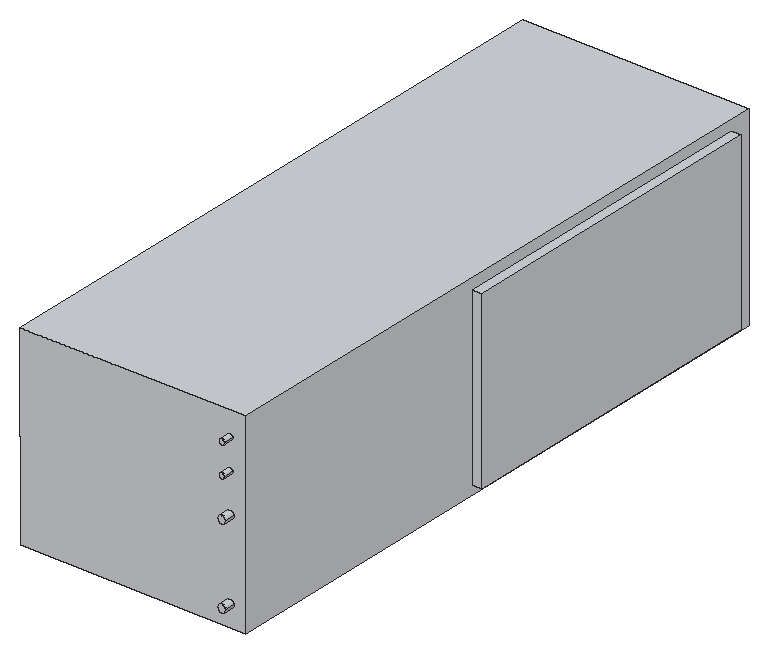
Revit family "99f8c5803f3e465797ed920e6431078d", category Mechanical Equipment, Revit 2021
Family settings
  Round Connector Dimension = Use Radius
  Part Type = Normal
  OmniClass Number = 23.75.10.21.17
  OmniClass Title = Water-Source Heat Pumps
  Seek Item ID = WSHP - Horizontal - High Efficiency - 2-5 Tons - Right Return - Back Discharge-0000-USA-ENU
  Work Plane-Based = No
  Always vertical = Yes
  Cut with Voids When Loaded = No
  Shared = No
  Room Calculation Point = No
Parameters (values of type "2 Tons")
  Water Supply Radius = 3/8"
  Water Supply Diameter = Water Supply Radius * 2  # 3/4"
  Water Return Radius = 3/8"
  Water Return Diameter = Water Return Radius * 2  # 3/4"
  Water Pressure Drop [instance] = 3.50 psi
  Water Flow [instance] = 8 GPM
  Voltage = 208 V
  Supply Air Width = 15 1/2"
  Supply Air Height = 12 1/2"
  Return Air Height = 17 77/256"
  Return Air Width = 32 13/128"
  Pump Width = 5' - 2 51/256"
  Pump Material = none
  Pump Length = 1' - 10 51/128"
  Pump Height = 1' - 7 77/256"
  Number of Poles = 3
  Load Classification = Cooling
  Hot Water Supply Radius = 1/4"
  Hot Water Supply Diameter = Hot Water Supply Radius * 2  # 1/2"
  Hot Water Return Radius = 1/4"
  Hot Water Return Diameter = Hot Water Return Radius * 2  # 1/2"
  Hot Water Flow [instance] = 5 GPM
  Default Elevation = 0' - 0"
  Condensate Radius = 3/8"
  Drain Flow [instance] = 0 GPM
  Condensate Diameter = Condensate Radius * 2  # 3/4"
  C6 Offset 1 = 0' - 2 51/256"
  C5 Offset 2 = 0' - 3 77/128"
  C5 Offset 1 = 0' - 2"
  C4 Offset 1 = 1' - 1 115/128"
  C3 Offset 1 = 1' - 4 115/128"
  C2 Offset 1 = 0' - 10"
  C1 Offset 1 = 0' - 2 13/128"
  Apparent Load = 3952 VA
  External Static Pressure = 0.60 in-wg
  Air Flow [instance] = 800 CFM
Types (5): name | Water Supply Radius | Water Supply Diameter | Water Return Radius | Water Return Diameter | Water Pressure Drop | Water Flow | Supply Air Width | Supply Air Height | Return Air Height | Return Air Width | Pump Width | Pump Length | Pump Height | Hot Water Flow | C5 Offset 2 | C5 Offset 1 | C4 Offset 1 | C3 Offset 1 | C2 Offset 1 | C1 Offset 1 | Apparent Load | External Static Pressure | Air Flow
  (no name) | 3/8" | 3/4" | 3/8" | 3/4" | 3.50 psi | 8 GPM | 15 1/2" | 12 1/2" | 17 77/256" | 32 13/128" | 5' - 2 51/256" | 1' - 10 51/128" | 1' - 7 77/256" | 5 GPM | 0' - 3 77/128" | 0' - 2" | 1' - 1 115/128" | 1' - 4 115/128" | 0' - 10" | 0' - 2 13/128" | 3952 VA | 0.60 in-wg | 800 CFM
  2 Tons | 3/8" | 3/4" | 3/8" | 3/4" | 3.50 psi | 8 GPM | 15 1/2" | 12 1/2" | 17 77/256" | 32 13/128" | 5' - 2 51/256" | 1' - 10 51/128" | 1' - 7 77/256" | 5 GPM | 0' - 3 77/128" | 0' - 2" | 1' - 1 115/128" | 1' - 4 115/128" | 0' - 10" | 0' - 2 13/128" | 3952 VA | 0.60 in-wg | 800 CFM
  3 Tons | 3/8" | 3/4" | 3/8" | 3/4" | 4.50 psi | 9 GPM | 17 1/2" | 19" | 19 77/256" | 36 13/128" | 5' - 11 51/256" | 2' - 1 51/128" | 1' - 9 77/256" | 8 GPM | 0' - 3 13/128" | 0' - 1" | 1' - 2 77/128" | 1' - 6 115/128" | 0' - 10 205/256" | 0' - 5 123/128" | 5283 VA | 0.60 in-wg | 1200 CFM
  4 Tons | 1/2" | 1" | 1/2" | 1" | 3.60 psi | 12 GPM | 17 1/2" | 19" | 19 77/256" | 41 13/128" | 6' - 4 51/256" | 2' - 1 51/128" | 1' - 9 77/256" | 10 GPM | 0' - 3 13/128" | 0' - 1" | 1' - 3 77/128" | 1' - 6 115/128" | 0' - 10 205/256" | 0' - 5 123/128" | 6780 VA | 0.80 in-wg | 1600 CFM
  5 Tons | 1/2" | 1" | 1/2" | 1" | 3.60 psi | 15 GPM | 17 1/2" | 19" | 19 77/256" | 46 13/128" | 6' - 9 51/256" | 2' - 1 51/128" | 1' - 9 77/256" | 13 GPM | 0' - 3 13/128" | 0' - 1" | 1' - 3 77/128" | 1' - 6 115/128" | 0' - 10 205/256" | 0' - 5 123/128" | 7696 VA | 0.80 in-wg | 2000 CFM
Reference planes (in)
  plane 1 "Center (Front/Back)": y = 0
  plane 2: z = 0
  plane 3 "Center (Left/Right)": x = 0
  plane 4: y = 62.19922
  plane 5: x = 22.39844
  plane 6: z = 19.30078
  plane 7: y = 60
  plane 8: y = 27.89844
  plane 9: z = 9.65039
  plane 10: z = 18.30078
  plane 11: z = 1
  plane 12: x = 19.10156
  plane 13: x = 3.60156
  plane 14: y = 63.19922
  plane 15: z = 3.4
  plane 16: z = 3.4
  plane 17: x = 20.14844
  plane 18: z = 14.30078
  plane 19: x = 1.6
  plane 20: x = 20.79844
  plane 21: z = 2.10156
  plane 22: z = 10
  plane 23: z = 13.89844
  plane 24: z = 16.89844
  plane 25: y = -1
  plane 26: x = 23.39844
  plane 27: z = 17.30078
  plane 28: z = 4.80078
Forms (in)
  Extrusion 1, solid, material <- "Pump Material"
    sketch origin (0, 0, 0) x (1, 0, 0) y (0, 1, 0)
      loop
        line (0, 0) -> (22.39844, 0) -> (22.39844, 62.19922) -> (0, 62.19922) -> (0, 0)
    from 0 to 19.30078
  Extrusion 2, solid, material <- "Pump Material"
    sketch origin (0, 0, 0) x (1, 0, 0) y (0, 0, 1)
      loop
        line (19.10156, 17.30078) -> (3.60156, 17.30078) -> (3.60156, 4.80078) -> (19.10156, 4.80078) -> (19.10156, 17.30078)
    from -63.19922 to -62.19922
  Extrusion 3, solid, material <- "Pump Material"
    sketch origin (0, 0, 0) x (1, 0, 0) y (0, 0, 1)
      loop
        circle (20.14844, 3.4) r 0.375
    from -63.19922 to -62.19922
  Extrusion 4, solid, material <- "Pump Material"
    sketch origin (0, 0, 0) x (1, 0, 0) y (0, 0, 1)
      loop
        circle (1.6, 14.30078) r 1
    from -2.46248 to 0
  Extrusion 5, solid, material <- "Pump Material"
    sketch origin (0, 0, 0) x (1, 0, 0) y (0, 0, 1)
      loop
        circle (20.79844, 2.10156) r 0.375
    from 0 to 1
  Extrusion 6, solid, material <- "Pump Material"
    sketch origin (0, 0, 0) x (1, 0, 0) y (0, 0, 1)
      loop
        circle (20.79844, 10) r 0.375
    from 0 to 1
  Extrusion 7, solid, material <- "Pump Material"
    sketch origin (0, 0, 0) x (1, 0, 0) y (0, 0, 1)
      loop
        circle (20.79844, 13.89844) r 0.25
    from 0 to 1
  Extrusion 8, solid, material <- "Pump Material"
    sketch origin (0, 0, 0) x (1, 0, 0) y (0, 0, 1)
      loop
        circle (20.79844, 16.89844) r 0.25
    from 0 to 1
  Extrusion 9, solid, material <- "Pump Material"
    sketch origin (0, 0, 0) x (0, 1, 0) y (0, 0, 1)
      loop
        line (60, 18.30078) -> (27.89844, 18.30078) -> (27.89844, 1) -> (60, 1) -> (60, 18.30078)
    from 22.39844 to 23.39844
  Extrusion 10, solid, material <- "Pump Material"
    sketch origin (0, 0, 0) x (1, 0, 0) y (0, 0, 1)
      loop
        circle (1.6, 14.30078) r 1
    from -1 to 0
Cuts and joins
  joined: Extrusion 1, Extrusion 2, Extrusion 3, Extrusion 4, Extrusion 5, Extrusion 6, Extrusion 7, Extrusion 8, Extrusion 9, Extrusion 10
Dimensions and locks (in)
  "Pump Width": plane 4 to plane 1 "Center (Front/Back)"
  "Pump Length": plane 3 "Center (Left/Right)" to plane 5
  "Pump Height": plane 6 to level
  "C6 Offset 1": plane 4 to plane 7
  "Return Air Width": plane 7 to plane 8
  equal spacing: plane 11, plane 9, plane 10
  "Return Air Height": plane 11 to plane 10
  "C5 Offset 2": plane 3 "Center (Left/Right)" to plane 13
  "Supply Air Width": plane 13 to plane 12
  locked: plane 14 to plane 4 at 1
  locked: plane 2 to plane 16 at 3.4
  locked: plane 5 to plane 17 at 2.25
  locked: plane 19 to plane 3 "Center (Left/Right)" at 1.6
  locked: plane 6 to plane 18 at 5
  locked: plane 20 to plane 5 at 1.6
  "C1 Offset 1": plane 21 to plane 2
  "C2 Offset 1": plane 22 to level
  "C4 Offset 1": plane 23 to level
  "C3 Offset 1": plane 24 to level
  locked: plane 25 to plane 1 "Center (Front/Back)" at 1
  locked: plane 5 to plane 26 at 1
  "C5 Offset 1": plane 27 to plane 6
  "Supply Air Height": plane 28 to plane 27
  equal spacing: plane 6, plane 9, level
  "Condensate Radius": radius of Extrusion 3 sketch curve
  radius of Extrusion 4 sketch curve = 0' - 1"
  "Water Supply Radius": radius of Extrusion 5 sketch curve
  "Water Return Radius": radius of Extrusion 6 sketch curve
  "Hot Water Return Radius": radius of Extrusion 7 sketch curve
  "Hot Water Supply Radius": radius of Extrusion 8 sketch curve
  aligned and locked: plane 3 "Center (Left/Right)" to Extrusion 1 sketch curve
  aligned and locked: plane 1 "Center (Front/Back)" to Extrusion 1 sketch curve
  aligned and locked: plane 4 to Extrusion 1 sketch curve
  aligned and locked: plane 5 to Extrusion 1 sketch curve
  aligned and locked: plane 6 to Extrusion 1
  aligned and locked: Extrusion 1 to level
  aligned and locked: plane 12 to Extrusion 2 sketch curve
  aligned and locked: plane 13 to Extrusion 2 sketch curve
  aligned and locked: plane 14 to Extrusion 2
  aligned and locked: Extrusion 2 to plane 4
  aligned and locked: Extrusion 3 to Extrusion 2
  aligned and locked: Extrusion 3 to plane 4
  aligned and locked: plane 16 to Extrusion 3 sketch curve
  aligned and locked: plane 17 to Extrusion 3 sketch curve
  aligned and locked: plane 18 to Extrusion 4 sketch curve
  aligned and locked: plane 19 to Extrusion 4 sketch curve
  aligned and locked: plane 21 to Extrusion 5 sketch curve
  aligned and locked: plane 20 to Extrusion 5 sketch curve
  aligned and locked: plane 20 to Extrusion 6 sketch curve
  aligned and locked: plane 22 to Extrusion 6 sketch curve
  aligned and locked: plane 20 to Extrusion 7 sketch curve
  aligned and locked: plane 23 to Extrusion 7 sketch curve
  aligned and locked: plane 20 to Extrusion 8 sketch curve
  aligned and locked: plane 24 to Extrusion 8 sketch curve
  aligned and locked: Extrusion 8 to plane 25
  aligned and locked: Extrusion 7 to Extrusion 8
  aligned and locked: Extrusion 6 to Extrusion 7
  aligned and locked: Extrusion 6 to Extrusion 5  (x2)
  aligned and locked: Extrusion 5 to plane 1 "Center (Front/Back)"
  aligned and locked: Extrusion 5 to Extrusion 1
  aligned and locked: Extrusion 8 to plane 1 "Center (Front/Back)"
  aligned and locked: plane 7 to Extrusion 9 sketch curve
  aligned and locked: plane 10 to Extrusion 9 sketch curve
  aligned and locked: plane 11 to Extrusion 9 sketch curve
  aligned and locked: plane 8 to Extrusion 9 sketch curve
  aligned and locked: plane 26 to Extrusion 9
  aligned and locked: Extrusion 9 to plane 5
  aligned and locked: Extrusion 2 sketch curve to plane 27
  aligned and locked: plane 28 to Extrusion 2 sketch curve
  aligned and locked: plane 19 to Extrusion 10 sketch curve
  aligned and locked: plane 18 to Extrusion 10 sketch curve
  aligned and locked: plane 1 "Center (Front/Back)" to Extrusion 10
Automatic sketch dimensions
  radius of Extrusion 10 sketch curve = 0' - 1"
Connectors (in)
  piping at (20.79844, -1, 2.10156), diameter 0.75, driven by "Water Supply Radius", driven by "Water Flow"
    settings: on Extrusion 5, index 1, connector inside diameter 3/4", connector length 0' - 0", flow factor 0, pipe flow 8 GPM, pressure drop 0.00 psi, fitting loss kfactor 0, connector angle 0.00°, fixture units 0, engagement length 0' - 0", angle of deflection 0.00°, flow configuration 1, flow direction 1, fitting loss method 0, system type 7, joint type 0, gender type 0, connector reference index 2, connector utility 0, adjustable connector no, is connector primary yes, connector description "Water Supply In"
  piping at (20.79844, -1, 10), diameter 0.75, driven by "Water Return Radius", driven by "Water Flow", driven by "Water Pressure Drop"
    settings: on Extrusion 6, index 2, connector inside diameter 3/4", connector length 0' - 0", flow factor 0, pipe flow 8 GPM, pressure drop 3.50 psi, fitting loss kfactor 0, connector angle 0.00°, fixture units 0, engagement length 0' - 0", angle of deflection 0.00°, flow configuration 1, flow direction 2, fitting loss method 4, system type 8, joint type 0, gender type 0, connector reference index 1, connector utility 0, adjustable connector no, is connector primary no, connector description "Water Return Out"
  piping at (20.79844, -1, 16.89844), diameter 0.5, driven by "Hot Water Flow", driven by "Hot Water Supply Radius"
    settings: on Extrusion 8, index 3, connector inside diameter 1/2", connector length 0' - 0", flow factor 0, pipe flow 5 GPM, pressure drop 0.00 psi, fitting loss kfactor 0, connector angle 0.00°, fixture units 0, engagement length 0' - 0", angle of deflection 0.00°, flow configuration 0, flow direction 2, fitting loss method 0, system type 7, joint type 0, gender type 0, connector reference index 4, connector utility 0, adjustable connector no, is connector primary no, connector description "Hot Water Supply Out"
  piping at (20.79844, -1, 13.89844), diameter 0.5, driven by "Hot Water Return Radius", driven by "Hot Water Flow"
    settings: on Extrusion 7, index 4, connector inside diameter 1/2", connector length 0' - 0", flow factor 0, pipe flow 5 GPM, pressure drop 0.00 psi, fitting loss kfactor 0, connector angle 0.00°, fixture units 0, engagement length 0' - 0", angle of deflection 0.00°, flow configuration 0, flow direction 1, fitting loss method 0, system type 8, joint type 0, gender type 0, connector reference index 3, connector utility 0, adjustable connector no, is connector primary no, connector description "Hot Water Return In"
  hvac at (11.35156, 63.19922, 11.05078), driven by "Air Flow", driven by "Supply Air Width", driven by "Supply Air Height"
    settings: on Extrusion 2, index 5, duct flow 800 CFM, flow factor 0, pres drop 0.00 in-wg, loss coef 0, conn angle 0.00°, conn width 15 1/2", conn height 12 1/2", conn diameter 24", duct sys type 1, conn prof type 1, flow config 0, flow direction 2, loss method 0, conn ref index 6, conn util no, is conn primary yes, conn desc ""
  hvac at (23.39844, 43.94922, 9.65039), driven by "Air Flow", driven by "Return Air Height", driven by "Return Air Width"
    settings: on Extrusion 9, index 6, duct flow 800 CFM, flow factor 0, pres drop 0.00 in-wg, loss coef 0, conn angle 0.00°, conn width 32 13/128", conn height 17 77/256", conn diameter 24", duct sys type 2, conn prof type 1, flow config 0, flow direction 1, loss method 0, conn ref index 5, conn util no, is conn primary no, conn desc ""
  piping at (20.14844, 63.19922, 3.4), diameter 0.75, driven by "Drain Flow", driven by "Condensate Radius"
    settings: on cut or joined group of Extrusion 1, Extrusion 2, Extrusion 3, Extrusion 4, Extrusion 5, Extrusion 6, Extrusion 7, Extrusion 8, Extrusion 9, Extrusion 10, index 7, connector inside diameter 3/4", connector length 0' - 0", flow factor 0, pipe flow 0 GPM, pressure drop 0.00 psi, fitting loss kfactor 0, connector angle 0.00°, fixture units 0, engagement length 0' - 0", angle of deflection 0.00°, flow configuration 1, flow direction 2, fitting loss method 0, system type 16, joint type 0, gender type 0, connector reference index -1, connector utility 0, adjustable connector yes, is connector primary no, connector description "Condensate Out"
  electrical at (1.6, 0, 14.30078), driven by "Apparent Load", driven by "Voltage", driven by "Number of Poles", driven by "Load Classification"
    settings: on Extrusion 10, index 8, voltage 208 V, apparent load 3952 VA, apparent load phase1 0 VA, apparent load phase2 0 VA, apparent load phase3 0 VA, power factor 0.8, load classification "Cooling", number of poles 3, system type 30, power factor state 1, is connector primary yes, connector utility no, sub classification motor no, connector description ""
